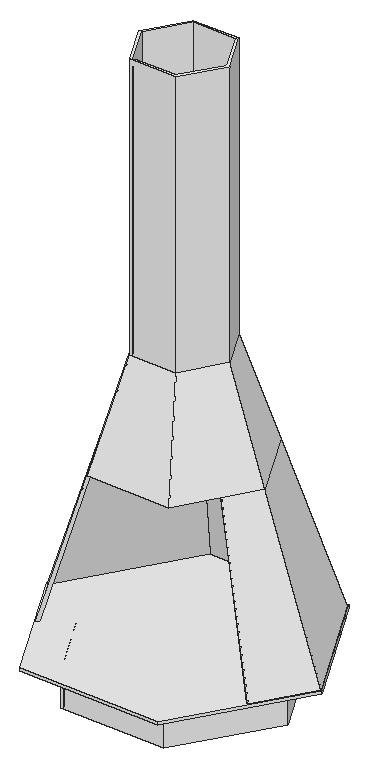
Revit family "Polygon_Jetmaster_Fireplace_5925", category Обобщенные модели, Revit 2016
Family settings
  Основа = Перекрытие
  Тип детали = Не определено
  Может служить основой для арматурных стержней = Нет
  Размер круглого соединителя = Использовать диаметр
  Всегда вертикально = Да
  При загрузке вырезать с полостями = Нет
  Общий = Нет
  Точка расчета площади = Нет
Parameters
  Fluke Height = 1000 mm
  Base Height [instance] = 150 mm
Reference planes
  plane 1 "Center (Front/Back)": y = 0
  plane 2: z = 0
  plane 3 "Center (Left/Right)": x = 0
  plane 4: z = 150
  plane 5 "top": z = 1150
  plane 6 "mid": z = 767.365
  plane 7: z = 2150
Forms (mm)
  Extrusion 1, solid, material "Steel"
    sketch origin (0, 0, 400) x (-1, 0, 0) y (0, -1, 0)
      loop
        line (-196.299, -340) -> (196.299, -340) -> (392.598, 0) -> (196.299, 340) -> (-196.299, 340) -> (-392.598, 0) -> (-196.299, -340)
      loop
        line (-190.526, -330) -> (190.526, -330) -> (381.051, 0) -> (190.526, 330) -> (-190.526, 330) -> (-381.051, 0) -> (-190.526, -330)
    from -400 to -250
  Extrusion 2, solid, material "Steel"
    sketch origin (0, 0, 150) x (-1, 0, 0) y (0, -1, 0)
      loop
        line (259.808, -450) -> (519.615, 0) -> (259.808, 450) -> (-259.808, 450) -> (-519.615, 0) -> (-259.808, -450) -> (259.808, -450)
    from 0 to 10
  Blend 3, solid, material "Steel"
    base sketch origin (0, 0, 1150) x (0, 1, 0) y (-1, 0, 0)
      loop
        line (450, 259.808) -> (0, 519.615) -> (-200, 404.145) -> (-192.679, 396.825) -> (0, 508.068) -> (440, 254.034) -> (440, -254.034) -> (0, -508.068) -> (-195, -395.485) -> (-202.321, -402.805) -> (0, -519.615) -> (450, -259.808) -> (450, 259.808)
    top sketch origin (0, 0, 1150) x (0, 1, 0) y (-1, 0, 0)
      loop
        line (150, 86.603) -> (0, 173.205) -> (-70, 132.791) -> (-62.679, 125.47) -> (0, 161.658) -> (140, 80.829) -> (140, -80.829) -> (0, -161.658) -> (-65, -124.13) -> (-72.321, -131.451) -> (0, -173.205) -> (150, -86.603) -> (150, 86.603)
    from -1000 to 0
  Blend 4, solid, material "Steel"
    base sketch origin (0, 0, 767.365) x (1, 0, 0) y (0, 1, 0)
      loop
        line (-152.998, 265) -> (-305.996, 0) -> (-152.998, -265) -> (152.998, -265) -> (305.996, 0) -> (152.998, 265) -> (-152.998, 265)
    top sketch origin (0, 0, 767.365) x (1, 0, 0) y (0, 1, 0)
      loop
        line (-86.603, 150) -> (-173.205, 0) -> (-86.603, -150) -> (86.603, -150) -> (173.205, 0) -> (86.603, 150) -> (-86.603, 150)
    from 0 to 382.635
  Extrusion 5, solid, material "Steel"
    sketch origin (0, 0, 1150) x (0, 1, 0) y (-1, 0, 0)
      loop
        line (150, 86.603) -> (0, 173.205) -> (-150, 86.603) -> (-150, -86.603) -> (0, -173.205) -> (150, -86.603) -> (150, 86.603)
      loop
        line (140, -80.829) -> (140, 80.829) -> (0, 161.658) -> (-140, 80.829) -> (-140, -80.829) -> (0, -161.658) -> (140, -80.829)
    from 0 to 1000
Cuts and joins
  joined: Extrusion 1, Extrusion 2, Blend 3, Blend 4
Dimensions and locks
  "Base Height": level to plane 4
  "Fluke Height": plane 7 to plane 5 "top"
  aligned and locked: Extrusion 1 to level
  aligned and locked: Extrusion 1 to plane 4
  aligned and locked: Extrusion 2 to Extrusion 1
  aligned and locked: Extrusion 2 to Blend 3 sketch curve  (x3)
  aligned and locked: Blend 3 sketch curve to Extrusion 2  (x2)
  aligned and locked: Blend 3 to Extrusion 1
  aligned and locked: plane 5 "top" to Blend 3
  aligned and locked: plane 5 "top" to Blend 4
  aligned and locked: plane 7 to Extrusion 5
Automatic sketch dimensions
  Extrusion 1 sketch curve to plane 1 "Center (Front/Back)" = 0 mm  (x4)
  Extrusion 1 sketch curve to Extrusion 1 sketch curve = 5.774 mm  (x4)
  Extrusion 1 sketch curve to Extrusion 1 sketch curve = 11.547 mm  (x2)
  Extrusion 1 sketch curve to Extrusion 1 sketch curve = 10 mm  (x2)
  Extrusion 1 sketch curve to plane 3 "Center (Left/Right)" = 190.526 mm  (x2)
  Extrusion 1 sketch curve to plane 1 "Center (Front/Back)" = 330 mm
  plane 1 "Center (Front/Back)" to Extrusion 1 sketch curve = 330 mm
  Extrusion 1 sketch curve to Extrusion 1 sketch curve = 190.526 mm
  plane 3 "Center (Left/Right)" to Extrusion 1 sketch curve = 381.051 mm
  plane 3 "Center (Left/Right)" to Extrusion 1 sketch curve = 196.299 mm  (x2)
  Extrusion 1 to Extrusion 2 sketch curve = 330 mm  (x2)
  Extrusion 1 to Extrusion 2 sketch curve = 110 mm  (x3)
  Extrusion 2 sketch curve to Extrusion 2 sketch curve = 259.808 mm  (x3)
  Extrusion 2 sketch curve to Extrusion 2 sketch curve = 519.615 mm  (x2)
  Blend 3 sketch curve to plane 1 "Center (Front/Back)" = 0 mm  (x6)
  plane 1 "Center (Front/Back)" to Blend 3 sketch curve = 192.679 mm
  plane 1 "Center (Front/Back)" to Blend 3 sketch curve = 195 mm
  Blend 3 sketch curve to Blend 3 sketch curve = 7.321 mm  (x8)
  Blend 3 sketch curve to Blend 3 sketch curve = 10 mm  (x2)
  Blend 3 sketch curve to Blend 3 sketch curve = 11.547 mm  (x4)
  Blend 3 sketch curve to Blend 3 sketch curve = 5.774 mm  (x4)
  plane 1 "Center (Front/Back)" to Blend 3 sketch curve = 62.679 mm
  plane 1 "Center (Front/Back)" to Blend 3 sketch curve = 65 mm
  Blend 3 sketch curve to plane 1 "Center (Front/Back)" = 140 mm
  plane 3 "Center (Left/Right)" to Blend 3 sketch curve = 173.205 mm
  Blend 3 sketch curve to Blend 3 sketch curve = 30.207 mm
  plane 3 "Center (Left/Right)" to Blend 3 sketch curve = 86.603 mm
  Blend 3 sketch curve to plane 3 "Center (Left/Right)" = 80.829 mm
  Blend 3 sketch curve to plane 3 "Center (Left/Right)" = 125.47 mm
  Blend 3 sketch curve to Blend 3 sketch curve = 36.188 mm
  Blend 4 sketch curve to plane 1 "Center (Front/Back)" = 0 mm  (x4)
  Blend 4 sketch curve to plane 3 "Center (Left/Right)" = 305.996 mm
  Blend 4 sketch curve to plane 3 "Center (Left/Right)" = 152.998 mm  (x2)
  plane 3 "Center (Left/Right)" to Blend 4 sketch curve = 152.998 mm  (x2)
  plane 3 "Center (Left/Right)" to Blend 4 sketch curve = 305.996 mm
  plane 1 "Center (Front/Back)" to Blend 4 sketch curve = 265 mm
  Blend 4 sketch curve to plane 1 "Center (Front/Back)" = 265 mm
  Blend 4 sketch curve to plane 3 "Center (Left/Right)" = 173.205 mm
  Blend 4 sketch curve to plane 3 "Center (Left/Right)" = 86.603 mm  (x2)
  plane 3 "Center (Left/Right)" to Blend 4 sketch curve = 86.603 mm  (x2)
  Blend 4 sketch curve to Blend 4 sketch curve = 86.603 mm
  plane 1 "Center (Front/Back)" to Blend 4 sketch curve = 150 mm
  Blend 4 sketch curve to plane 1 "Center (Front/Back)" = 150 mm
  Extrusion 5 sketch curve to plane 1 "Center (Front/Back)" = 0 mm  (x4)
  plane 1 "Center (Front/Back)" to Extrusion 5 sketch curve = 150 mm
  Extrusion 5 sketch curve to plane 1 "Center (Front/Back)" = 150 mm
  plane 3 "Center (Left/Right)" to Extrusion 5 sketch curve = 173.205 mm
  plane 3 "Center (Left/Right)" to Extrusion 5 sketch curve = 86.603 mm  (x2)
  Extrusion 5 sketch curve to plane 3 "Center (Left/Right)" = 86.603 mm  (x2)
  Extrusion 5 sketch curve to Extrusion 5 sketch curve = 86.603 mm
  Extrusion 5 sketch curve to Extrusion 5 sketch curve = 5.774 mm  (x4)
  Extrusion 5 sketch curve to Extrusion 5 sketch curve = 10 mm  (x2)
  Extrusion 5 sketch curve to Extrusion 5 sketch curve = 11.547 mm  (x2)
